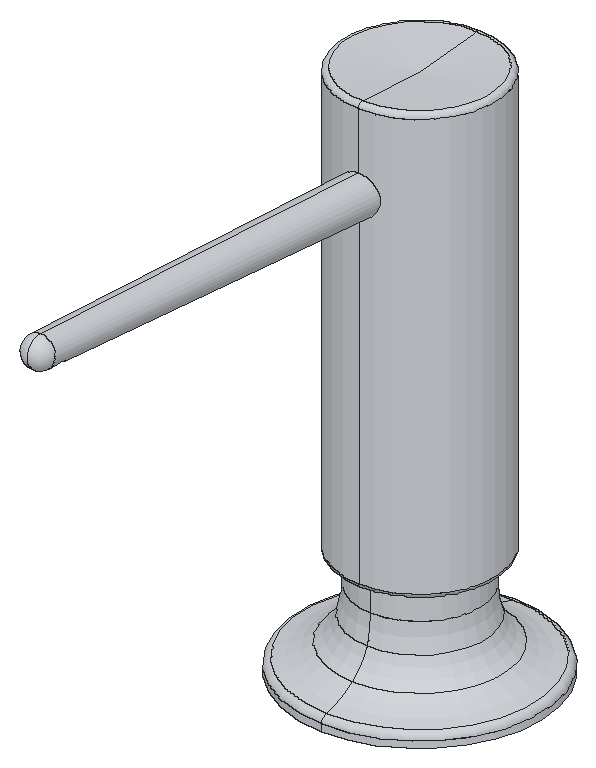
Revit family "Accessory-Soap_Dispenser-KOHLER-Contemporary-K-1995", category Specialty Equipment, host Face, Revit 2015
Parameters (values of type "CP-Polished Chrome")
  Width = 2"  # constant formula
  URL = "https://www.us.kohler.com/us/"
  Type = 1
  Product Page URL = "http://www.us.kohler.com/us/catalog/productDetails.jsp?productNumber=1995"
  Product Name = "Contemporary"  # constant formula
  Product Documentation Link = "http://www.us.kohler.com/onlinecatalog/pdf/K-1995_spec.pdf"
  Model = if(Type = 1, "K-1995-CP", if(Type = 2, "K-1995-SN", if(Type = 3, "K-1995-BN", if(Type = 4, "K-1995-VS", if(Type = 5, "K-1995-BL", "NA")))))  # "K-1995-CP"
  Material = "Solid Brass Construction"  # constant formula
  MasterFormat 2004 = "10.28.13"  # constant formula
  MasterFormat 1995 = "10820"  # constant formula
  Manufacturer Address = "444 Highland Dr, Kohler, WI 53044"  # constant formula
  Manufacturer = "KOHLER Co."  # constant formula
  Length = 4"  # constant formula
  Height = 4 7/16"  # constant formula
  Finish = Kohler-Metal-CP-Polished_Chrome
  Environmental Product Declaration = ""
  Description = "Contemporary design soap/lotion dispenser"  # constant formula
  Default Elevation = 42"
  Declare Label = ""
  Date Modified = "05/28/2018"  # constant formula
  Date Created = "05/28/2018"  # constant formula
  Copyright = "Copyright KOHLER Co."  # constant formula
  Contact Us = "https://www.us.kohler.com/us/static/contact.jsp"
  Assembly Code = "C1030200"
  ADA Compliant = 1 = 0  # no
Types (5): name | Type | Model | Finish
  CP-Polished Chrome | 1 | "K-1995-CP" | Kohler-Metal-CP-Polished_Chrome
  SN-Vibrant Polished Nickel | 2 | "K-1995-SN" | Kohler-Metal-SN-Vibrant_Polished_Nickel
  BN-Vibrant Brushed Nickel | 3 | "K-1995-BN" | Kohler-Metal-BN-Vibrant_Brushed_Nickel
  VS-Vibrant Stainless | 4 | "K-1995-VS" | Kohler-Metal-VS-Vibrant_Stainless
  BL-Matte Black | 5 | "K-1995-BL" | Kohler-Metal-BL-Matte_Black
Reference planes (in)
  plane 1 "Center (Front/Back)": y = 0
  plane 2: z = 0
  plane 3 "Center (Left/Right)": x = 0
  plane 4: x = -1
  plane 5: x = 1
  plane 6: z = 4.4375
  plane 7: y = -4
  plane 8: y = 1
  plane 9: y = -1
Dimensions and locks (in)
  "Width": plane 4 to plane 5
  "Height": plane 6 to level
  "Length": plane 1 "Center (Front/Back)" to plane 7
  aligned and locked: plane 2 to host face
  aligned and locked: level to host face
Automatic sketch dimensions
  host sketch curve to host sketch curve = 96"  (x2)
Nested families (in)
  nested 1: "K-1995" at (0, 0, 0), type "K-1995"
Definition of nested family "K-1995"
  Parameters (values of type "K-1995")
    Material = none
  Reference planes (in)
    plane 1 "Center (Front/Back)": y = 0
    plane 2: z = 0
    plane 3 "Center (Left/Right)": x = 0
  Forms (in)
    Revolve 1, solid, material <- "Material", detail levels medium+fine
      sketch origin (0, 0, 0) x (0, 1, 0) y (0, 0, 1)
        loop
          line (0, 4.386) -> (0, 0) -> (1, 0) -> (1, 0.05484)
          arc (1, 0.05484) -> (0.98598, 0.09258) -> (0.95071, 0.11201) r 0.05779
          arc (0.95071, 0.11201) -> (0.8084, 0.15155) -> (0.68006, 0.22464) r 0.60015
          arc (0.68006, 0.22464) -> (0.59246, 0.3132) -> (0.53489, 0.42367) r 0.41744
          arc (0.53489, 0.42367) -> (0.50694, 0.53406) -> (0.49753, 0.64755) r 0.68957
          line (0.49753, 0.64755) -> (0.49753, 0.88692) -> (0.59404, 0.88692)
          arc (0.59404, 0.88692) -> (0.61597, 0.89601) -> (0.62505, 0.91794) r 0.03101
          line (0.62505, 0.91794) -> (0.62505, 4.39041)
          arc (0.62505, 4.39041) -> (0.61121, 4.42056) -> (0.57932, 4.42972) r 0.03976
          arc (0.57932, 4.42972) -> (0.29048, 4.39695) -> (0, 4.386) r 3.85993
        axis (0, 4.42972) -> (0, 0)
      angle from 0 to 360
    Revolve 2, solid, material <- "Material", detail levels medium+fine
      sketch origin (0, 0, 0) x (0, 1, 0) y (0, 0, 1)
        loop
          line (-0.39763, 3.90497) -> (-3.86791, 4.17081)
          arc (-3.86791, 4.17081) -> (-3.95834, 4.14149) -> (-4.00201, 4.05705) r 0.12502
          line (-4.00201, 4.05705) -> (-0.4118, 3.74295) -> (-0.39763, 3.90497)
        axis (-0.4118, 3.74295) -> (-4.00201, 4.05705)
      angle from 0 to 360
    Extrusion 3, void
      sketch origin (0, 0, 0) x (0, 1, 0) y (0, 0, 1)
        loop
          line (-3.6664, 3.88806) -> (-3.71717, 3.9425)
          arc (-3.71717, 3.9425) -> (-3.77158, 3.96846) -> (-3.82909, 3.95033) r 0.08225
          line (-3.82909, 3.95033) -> (-3.88747, 3.90304) -> (-3.6664, 3.88806)
      from -0.16576 to 0.17758
    Extrusion 4, solid, material <- "Material", detail levels coarse
      sketch origin (0, 0, 0) x (1, 0, 0) y (0, 1, 0)
        loop
          circle (0, 0) r 1
      from 0 to 4.42979
    Extrusion 5, solid, material <- "Material", detail levels coarse
      sketch origin (0, 0, 0) x (1, 0, 0) y (0, 0, 1)
        loop
          circle (0, 3.90111) r 0.125
      from 0.79256 to 4.00345
  Cuts and joins
    Extrusion 3 cuts Revolve 2
    joined: Revolve 1, Revolve 2
    joined: Extrusion 4, Extrusion 5
  Lines and regions (in)
    Masking region 1
      outline origin (0, 0, 0) x (1, 0, 0) y (0, 0, 1)
        loop
          line (-0.59404, 0.88692) -> (-0.49753, 0.88692) -> (-0.49753, 0.64755)
          arc (-0.49753, 0.64755) -> (-0.50694, 0.53406) -> (-0.53489, 0.42367) r 0.68957
          arc (-0.53489, 0.42367) -> (-0.59246, 0.3132) -> (-0.68006, 0.22464) r 0.41744
          arc (-0.68006, 0.22464) -> (-0.8084, 0.15155) -> (-0.95071, 0.11201) r 0.60015
          arc (-0.95071, 0.11201) -> (-0.98598, 0.09258) -> (-1, 0.05484) r 0.05779
          line (-1, 0.05484) -> (-1, 0) -> (1, 0) -> (1, 0.05484)
          arc (1, 0.05484) -> (0.98598, 0.09258) -> (0.95071, 0.11201) r 0.05779
          arc (0.95071, 0.11201) -> (0.8084, 0.15155) -> (0.68006, 0.22464) r 0.60015
          arc (0.68006, 0.22464) -> (0.59246, 0.3132) -> (0.53489, 0.42367) r 0.41744
          arc (0.53489, 0.42367) -> (0.50694, 0.53406) -> (0.49753, 0.64755) r 0.68957
          line (0.49753, 0.64755) -> (0.49753, 0.88692) -> (0.59404, 0.88692)
          arc (0.59404, 0.88692) -> (0.61597, 0.89601) -> (0.62505, 0.91794) r 0.03101
          line (0.62505, 0.91794) -> (0.62505, 4.39041)
          arc (0.62505, 4.39041) -> (0.61121, 4.42056) -> (0.57932, 4.42972) r 0.03976
          line (0.57932, 4.42972) -> (-0.57932, 4.42972)
          arc (-0.57932, 4.42972) -> (-0.61121, 4.42056) -> (-0.62505, 4.39041) r 0.03976
          line (-0.62505, 4.39041) -> (-0.62505, 0.91794)
          arc (-0.62505, 0.91794) -> (-0.61597, 0.89601) -> (-0.59404, 0.88692) r 0.03101
    Masking region 2
      outline origin (0, 0, 0) x (0, 1, 0) y (0, 0, 1)
        loop
          arc (0.59404, 0.88692) -> (0.61597, 0.89601) -> (0.62505, 0.91794) r 0.03101
          line (0.62505, 0.91794) -> (0.62505, 4.39041)
          arc (0.62505, 4.39041) -> (0.61121, 4.42056) -> (0.57932, 4.42972) r 0.03976
          line (0.57932, 4.42972) -> (-0.57932, 4.42972)
          arc (-0.57932, 4.42972) -> (-0.61121, 4.42056) -> (-0.62505, 4.39041) r 0.03976
          line (-0.62505, 4.39041) -> (-0.62505, 3.92239) -> (-3.86835, 4.17109)
          arc (-3.86835, 4.17109) -> (-4.00312, 4.04424) -> (-3.86434, 3.92178) r 0.12521
          line (-3.86434, 3.92178) -> (-3.82905, 3.9503)
          spline (-3.82905, 3.9503) -> (-3.82163, 3.95579) -> (-3.81302, 3.96029) -> (-3.80343, 3.96371) -> (-3.79311, 3.96595) -> (-3.78231, 3.96695) -> (-3.7713, 3.9667) -> (-3.76037, 3.96519) -> (-3.74979, 3.96247) -> (-3.73981, 3.9586) -> (-3.73071, 3.95368) -> (-3.72269, 3.94784) -> (-3.71597, 3.94122)
          line (-3.71597, 3.94122) -> (-3.67841, 3.90094) -> (-0.62505, 3.60052) -> (-0.62505, 0.91794)
          arc (-0.62505, 0.91794) -> (-0.61597, 0.89601) -> (-0.59404, 0.88692) r 0.03101
          line (-0.59404, 0.88692) -> (-0.49753, 0.88692) -> (-0.49753, 0.64755)
          arc (-0.49753, 0.64755) -> (-0.50694, 0.53406) -> (-0.53489, 0.42367) r 0.68957
          arc (-0.53489, 0.42367) -> (-0.59246, 0.3132) -> (-0.68006, 0.22464) r 0.41744
          arc (-0.68006, 0.22464) -> (-0.8084, 0.15155) -> (-0.95071, 0.11201) r 0.60015
          arc (-0.95071, 0.11201) -> (-0.98598, 0.09258) -> (-1, 0.05484) r 0.05779
          line (-1, 0.05484) -> (-1, 0) -> (1, 0) -> (1, 0.05484)
          arc (1, 0.05484) -> (0.98598, 0.09258) -> (0.95071, 0.11201) r 0.05779
          arc (0.95071, 0.11201) -> (0.8084, 0.15155) -> (0.68006, 0.22464) r 0.60015
          arc (0.68006, 0.22464) -> (0.59246, 0.3132) -> (0.53489, 0.42367) r 0.41744
          arc (0.53489, 0.42367) -> (0.50694, 0.53406) -> (0.49753, 0.64755) r 0.68957
          line (0.49753, 0.64755) -> (0.49753, 0.88692) -> (0.59404, 0.88692)
    Masking region 3
      outline origin (0, 0, 0) x (1, 0, 0) y (0, 1, 0)
        loop
          arc (0.15657, -0.98767) -> (0, 1) -> (-0.15657, -0.98767) r 1
          line (-0.15657, -0.98767) -> (-0.12494, -3.88004)
          arc (-0.12494, -3.88004) -> (0, -4.00362) -> (0.12494, -3.88004) r 0.12494
          line (0.12494, -3.88004) -> (0.15657, -0.98767)
    symbolic lines, detail levels medium+fine
      curve 1: line (-0.49753, 0, 0.88692) -> (0.49753, 0, 0.88692)
      curve 2: arc (-0.16093, 0, 3.76145) -> (0, 0, 3.60052) -> (0.16093, 0, 3.76145) r 0.16093
      curve 3: spline (0, 0, 3.90075) -> (-0.00885, 0, 3.90145) -> (-0.01759, 0, 3.90267) -> (-0.02618, 0, 3.90439) -> (-0.03454, 0, 3.90661) -> (-0.04264, 0, 3.90932) -> (-0.05042, 0, 3.91249) -> (-0.05782, 0, 3.9161) -> (-0.06481, 0, 3.92014) -> (-0.07133, 0, 3.92457) -> (-0.07734, 0, 3.92937) -> (-0.08282, 0, 3.9345) -> (-0.08771, 0, 3.93994)
      curve 4: spline (-0.08771, 0, 3.93994) -> (-0.09388, 0, 3.94657) -> (-0.09914, 0, 3.95246) -> (-0.10334, 0, 3.95745) -> (-0.10639, 0, 3.96141) -> (-0.10819, 0, 3.96424) -> (-0.10871, 0, 3.96587) -> (-0.10793, 0, 3.96626) -> (-0.10587, 0, 3.96539) -> (-0.10258, 0, 3.9633) -> (-0.09815, 0, 3.96002) -> (-0.0927, 0, 3.95566) -> (-0.08636, 0, 3.95031)
      curve 5: spline (-0.08618, 0, 3.95041) -> (-0.08118, 0, 3.94602) -> (-0.07565, 0, 3.94188) -> (-0.06963, 0, 3.93804) -> (-0.06315, 0, 3.9345) -> (-0.05625, 0, 3.93128) -> (-0.04897, 0, 3.92842) -> (-0.04136, 0, 3.92593) -> (-0.03347, 0, 3.92381) -> (-0.02533, 0, 3.92209) -> (-0.01701, 0, 3.92078) -> (-0.00855, 0, 3.91987) -> (0, 0, 3.91939)
      curve 6: spline (0.08771, 0, 3.93994) -> (0.09388, 0, 3.94657) -> (0.09914, 0, 3.95246) -> (0.10334, 0, 3.95745) -> (0.10639, 0, 3.96141) -> (0.10819, 0, 3.96424) -> (0.10871, 0, 3.96587) -> (0.10793, 0, 3.96626) -> (0.10587, 0, 3.96539) -> (0.10258, 0, 3.9633) -> (0.09815, 0, 3.96002) -> (0.0927, 0, 3.95566) -> (0.08636, 0, 3.95031)
      curve 7: spline (0, 0, 3.91939) -> (0.00855, 0, 3.91987) -> (0.01701, 0, 3.92078) -> (0.02533, 0, 3.92209) -> (0.03347, 0, 3.92381) -> (0.04136, 0, 3.92593) -> (0.04897, 0, 3.92842) -> (0.05625, 0, 3.93128) -> (0.06315, 0, 3.9345) -> (0.06963, 0, 3.93804) -> (0.07565, 0, 3.94188) -> (0.08118, 0, 3.94602) -> (0.08618, 0, 3.95041)
      curve 8: spline (0.08771, 0, 3.93994) -> (0.08282, 0, 3.9345) -> (0.07734, 0, 3.92937) -> (0.07133, 0, 3.92457) -> (0.06481, 0, 3.92014) -> (0.05782, 0, 3.9161) -> (0.05042, 0, 3.91249) -> (0.04264, 0, 3.90932) -> (0.03454, 0, 3.90661) -> (0.02618, 0, 3.90439) -> (0.01759, 0, 3.90267) -> (0.00885, 0, 3.90145) -> (0, 0, 3.90075)
      curve 9: line (-0.16093, 0, 3.76145) -> (-0.12406, 0, 4.06177)
      curve 10: line (0.16093, 0, 3.76145) -> (0.12406, 0, 4.06177)
      curve 11: arc (-0.12406, 0, 4.06177) -> (0, 0, 4.17152) -> (0.12406, 0, 4.06177) r 0.12499
      curve 12: line (0, 0.49753, 0.88692) -> (0, -0.49753, 0.88692)
      curve 13: line (0, -0.62505, 3.92239) -> (0, -0.62505, 3.60052)
      curve 14: circle (0, 0, 0) r 0.62735 normal (0, 0, 1)
      curve 15: line (-0.16005, -0.6066, 0) -> (-0.15657, -0.98767, 0)
      curve 16: line (0.16005, -0.6066, 0) -> (0.15657, -0.98767, 0)
  Dimensions and locks (in)
    aligned and locked: plane 2 to level
